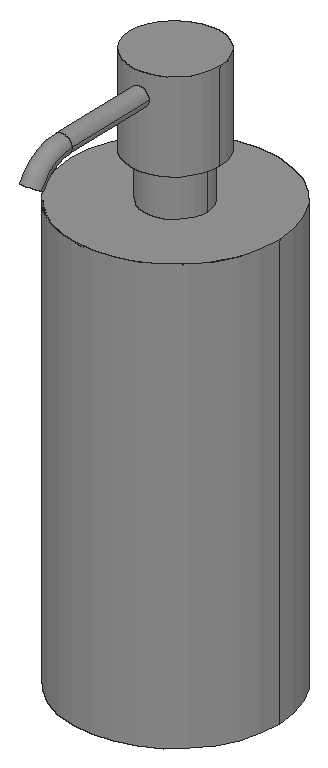
Revit family "KEUCO_14952010100", category Sonderausstattung, Revit 2016
Family settings
  Teiletyp = Normal
  Bemaßung runder Anschluss = Durchmesser verwenden
  Arbeitsebenenbasiert = Nein
  Immer vertikal = Ja
  Beim Laden mit Abzugskörper schneiden = Nein
  Gemeinsam genutzt = Nein
  Raumberechnungspunkt = Nein
Parameters (values of type "14952070100")
  Verwendung = "BI / GWC / WP"  # constant formula
  URL = "https://www.keuco.com/de/produkte/sortiment/artikel/?pid=14952&oid=2&pgo=4&country=de&lang=de&vid=14952070100"
  Serie = "Plan"  # constant formula
  Preisgruppe = "1"  # constant formula
  Material Regal [instance] = Aluminium silber-eloxiert (E6 EV1)
  Materialien bei Hersteller anfragen = "Anfrage zu:  objektmanagement@keuco.de"
  Kategorie = "ACC"  # constant formula
  Hersteller = "KEUCO"  # constant formula
  Gewicht = 382
  Beschreibung = "Standmodell, mit Kunststoffeinsatz und Pumpe\r\nFüllmenge: ca. 250 ml\r\nDosiermenge: ca. 0,5 ml/Hub"
  Ausschreibungstext = "KEUCO PLAN Lotionspender 14952070100 \r\nLotionspender aus hochwertigem Edelstahl, Standmodell\r\nin ästhetischem, funktionalem Design\r\nkomplett mit herausnehmbarem Kunststoffeinsatz\r\nfür leichtes Reinigen und leichtes Befüllen\r\nhochwertige und langlebige Pumpe\r\nFüllmenge ca. 250 ml, für handelsübliche Flüssigseifen\r\nDosiermenge ca. 0,5 ml /Hub\r\nGrundkörperdurchmesser 65 mm, Höhe 178 mm, Ausladung 96 mm"
  Artikelnummer = "14952070100"
Types (4, lengths in mm): name | URL | Material Regal | Materialien bei Hersteller anfragen | Beschreibung | Ausschreibungstext | Artikelnummer
  (no name) | "https://www.keuco.com" | Verchromt | "Request to:  objektmanagement@keuco.de" | "--" | "" | "14952010100"
  14952010100 | "https://www.keuco.com/de/produkte/sortiment/artikel/?pid=14952&oid=2&pgo=4&country=de&lang=de&vid=14952010100" | Verchromt | "Request to:  objektmanagement@keuco.de" | "Standmodell, mit Kunststoffeinsatz und Pumpe\r\nFüllmenge: ca. 250 ml\r\nDosiermenge: ca. 0,5 ml/Hub" | "KEUCO PLAN Lotionspender 14952010100 \r\nHochglanzverchromter Lotionspender, Standmodell \r\nin ästhetischem, funktionalem Design\r\nkomplett mit herausnehmbarem Kunststoffeinsatz\r\nfür leichtes Reinigen und leichtes Befüllen\r\nhochwertige und langlebige Pumpe\r\nFüllmenge ca. 250 ml, für handelsübliche Flüssigseifen\r\nDosiermenge ca. 0,5 ml/Hub\r\nGrundkörperdurchmesser 65 mm, Höhe 178 mm, Ausladung 96 mm" | "14952010100"
  14952070100 | "https://www.keuco.com/de/produkte/sortiment/artikel/?pid=14952&oid=2&pgo=4&country=de&lang=de&vid=14952070100" | Aluminium silber-eloxiert (E6 EV1) | "Anfrage zu:  objektmanagement@keuco.de" | "Standmodell, mit Kunststoffeinsatz und Pumpe\r\nFüllmenge: ca. 250 ml\r\nDosiermenge: ca. 0,5 ml/Hub" | "KEUCO PLAN Lotionspender 14952070100 \r\nLotionspender aus hochwertigem Edelstahl, Standmodell\r\nin ästhetischem, funktionalem Design\r\nkomplett mit herausnehmbarem Kunststoffeinsatz\r\nfür leichtes Reinigen und leichtes Befüllen\r\nhochwertige und langlebige Pumpe\r\nFüllmenge ca. 250 ml, für handelsübliche Flüssigseifen\r\nDosiermenge ca. 0,5 ml /Hub\r\nGrundkörperdurchmesser 65 mm, Höhe 178 mm, Ausladung 96 mm" | "14952070100"
  14952170100 | "https://www.keuco.com/de/produkte/sortiment/artikel/?pid=14952&oid=2&pgo=4&country=de&lang=de&vid=14952170100" | Aluminium silber-eloxiert (E6 EV1) | "Request to:  objektmanagement@keuco.de" | "Standmodell, mit Kunststoffeinsatz und Pumpe\r\nFüllmenge: ca. 250 ml\r\nDosiermenge: ca. 0,5 ml/Hub" | "KEUCO PLAN Lotionspender 14952170100 \r\nLotionspender aus silber-eloxiertem Aluminium (E6 EV1), \r\nStanmodell, in ästhetischem, funktionalem Design\r\nStandmodell, komplett mit herausnehmbarem Kunststoffeinsatz \r\nfür leichtes Reinigen und leichtes Befüllen\r\nhochwertige und langlebige Pumpe\r\nFüllmenge ca. 250 ml, für handelsübliche Flüssigseifen\r\nDosiermenge ca. 0,5 ml/Hub\r\nGrundkörperdurchmesser 65 mm, Höhe 178 mm, Ausladung 96 mm" | "14952170100"
Reference planes
  plane 1 "Center (Front/Back)": y = 0
  plane 2: z = 0
  plane 3 "Center (Left/Right)": x = 0
  plane 4: z = 177
Forms (mm)
  Extrusion 1, solid, material "Aluminium silber-eloxiert (E6 EV1)" <- "Material Regal"
    sketch origin (0, 0, 0) x (1, 0, 0) y (0, 1, 0)
      loop
        circle (0, -32.5) r 32.5
    from 0 to 135.015
  Extrusion 2, solid, material "Aluminium silber-eloxiert (E6 EV1)" <- "Material Regal"
    sketch origin (0, 0, 44.375) x (1, 0, 0) y (0, 1, 0)
      loop
        circle (0, -32.5) r 10
    from 90.64 to 104.775
  Extrusion 3, solid, material "Aluminium silber-eloxiert (E6 EV1)" <- "Material Regal"
    sketch origin (0, 0, 106.875) x (1, 0, 0) y (0, 1, 0)
      loop
        circle (0, -32.5) r 14
    from 42.275 to 70.125
  Sweep 4, solid, material "Aluminium silber-eloxiert (E6 EV1)" <- "Material Regal"
    path origin (0, 26.601, 105.313) x (0, 1, 0) y (0, 0, 1)
      loop
        line (-73.1, 64.348) -> (-103.1, 64.348)
        arc (-103.1, 64.348) -> (-109.96, 62.51) -> (-114.982, 57.488) r 13.72
    profile origin (0, -61.499, 169.661) x (0, 0, -1) y (1, 0, 0)
      loop
        circle (0, 0) r 3
Lines and regions (mm)
  symbolic lines, style "SpecialityEquipment"
    curve 1: circle (0, -32.5, 0) r 32.5 normal (0, 0, 1)
Dimensions and locks
  plane 4 to plane 2 = 177 mm
  aligned and locked: level to plane 2
